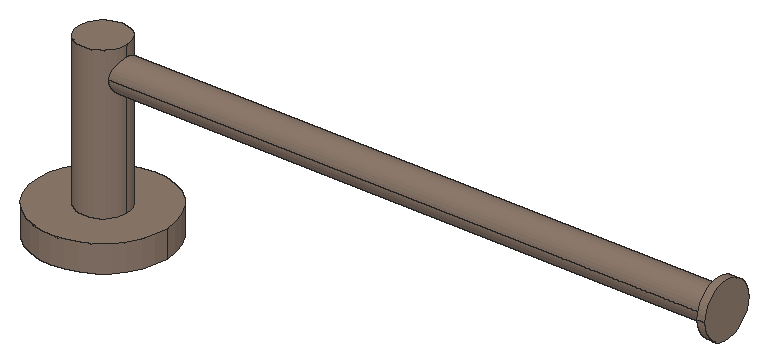
Revit family "ALMA-Farina_255_Hand_Towel", category Specialty Equipment, host Face, Revit 2026
Family settings
  Host = Face
  Round Connector Dimension = Use Diameter
  Part Type = Normal
  Enable Cutting in Views = Yes
  Cut with Voids When Loaded = No
  Maintain Annotation Orientation = No
  Shared = No
  Room Calculation Point = No
Parameters (values of type "BRUSHED ANTIQUE BRASS")
  Material = BM_ANTIQUE BRASS
  Default Elevation = 1219.2 mm
Types (6, lengths in mm): name | Material
  (no name) | BM_ANTIQUE BRASS
  MATTE BLACK | BM_MATTE BLACK
  BRUSHED GUNMETAL | BM_GUNMETAL
  BRUSHED NICKEL | BM_NICKEL
  BRUSHED BRASS GOLD | BM_BRASS GOLD
  BRUSHED ANTIQUE BRASS | BM_ANTIQUE BRASS
Reference planes
  plane 1 "Center (Front/Back)": y = 0
  plane 2: z = 0
  plane 3 "Center (Left/Right)": x = 0
Forms (mm)
  Extrusion 1, solid, material "BM_ANTIQUE BRASS" <- "Material"
    sketch origin (0, 0, 0) x (1, 0, 0) y (0, 1, 0)
      loop
        circle (0, 0) r 24
    from 0 to 10
  Extrusion 2, solid, material "BM_ANTIQUE BRASS" <- "Material"
    sketch origin (0, 0, 10) x (1, 0, 0) y (0, 1, 0)
      loop
        circle (0, 0) r 9
    from 0 to 56
  Revolve 3, solid, material "BM_ANTIQUE BRASS" <- "Material"
    sketch origin (0, 0, 56) x (1, 0, 0) y (0, 1, 0)
      loop
        line (4.496, 0) -> (4.496, -6) -> (229, -6) -> (229, 0) -> (4.496, 0)
      axis (4.496, 0) -> (229, 0)
    angle from 0 to 360
  Extrusion 4, solid, material "BM_ANTIQUE BRASS" <- "Material"
    sketch origin (0, 0, 0) x (0, 1, 0) y (0, 0, 1)
      loop
        circle (0, 56) r 10
    from 229 to 232
Cuts and joins
  joined: Extrusion 2, Revolve 3
Lines and regions (mm)
  symbolic lines
    curve 1: line (0, -6, 56) -> (0, 6, 56)
    curve 2: line (0, 0, 62.021) -> (0, 0, 49.86)
Text (mm)
  text "Refer to www.buildmat.com.au for the most current product literature. \nAllow a +/- 5mm tolerance for dimensions shown in the product literature. \nPlease note product details are subject to change due to ongoing product development." at (-7.013, -1351.747, 0), in view "Ref. Level"
Dimensions and locks
  aligned and locked: plane 2 to host face
  aligned and locked: level to host face
